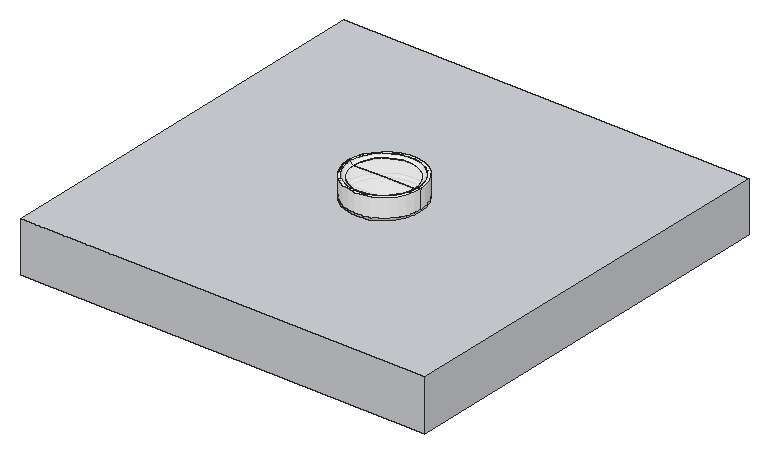
Revit family
Parameters (values of type "ONDARIA 440 3/16W TCL Electronic")
  Width = 440 mm
  Wattage = 30.2945 W
  built-in parameter 1150110 = 1 (stored number, unit not read)
  URL = "http://www.zumtobel.com/42179296"
  Type Comments = "© Zumtobel. We reserve the right to make technical changes without prior notice."  # constant formula
  built-in parameter 1114217 = 1 (stored number, unit not read)
  Tilt Angle = -90.00°
  built-in parameter 1150109 = 1 (stored number, unit not read)
  built-in parameter 1150134 = 3
  built-in parameter 1150113 = 1 (stored number, unit not read)
  Photometric Web File = "D28714.IES"
  Model = "42179296"
  Manufacturer = "Zumtobel Lighting"  # constant formula
  built-in parameter 1150105 = 849.6 (stored number, unit not read)
  Lumens = 4500 lm
  built-in parameter 1150115 = 1 (stored number, unit not read)
  built-in parameter 1150137 = (empty or 0)
  built-in parameter 1150139 = (empty or 0)
  Length = 440 mm
  built-in parameter 1150112 = 1 (stored number, unit not read)
  built-in parameter 1150114 = 1 (stored number, unit not read)
  Lamp = "TC-L"
  built-in parameter 1150132 = 2
  built-in parameter 1150102 = (empty or 0)
  built-in parameter 1150107 = 3200 (stored number, unit not read)
  built-in parameter 1150138 = (empty or 0)
  built-in parameter 1150106 = 8.496 (stored number, unit not read)
  Height = 139 mm  # constant formula
  Emit from Circle Diameter = Width - 30 mm  # 410 mm
  Emit Shape Visible in Rendering = no
  built-in parameter 1150104 = 13.8 (stored number, unit not read)
  Dimming Lamp Color Temperature Shift = (empty or 0)
  Description = "Circular luminaire Small"
  Default Elevation = 0 mm
  Color Filter = 16777215
  built-in parameter 1114218 = 1 (stored number, unit not read)
  built-in parameter 1150133 = 10 (stored number, unit not read)
  Assembly Code = "D5020210"
  Apparent Load = 52 VA
Types (13, lengths in mm): name | Width | Wattage | URL | Photometric Web File | Model | built-in parameter 1150105 | Lumens | Length | Lamp | built-in parameter 1150106 | Emit from Circle Diameter | Description | Assembly Code | Apparent Load
  ONDARIA 940 4/14W + 4/21W T16 Electronic | 940 | 83.4781 W | "http://www.zumtobel.com/42179183" | "D28734.IES" | "42179183" | 2839.6 (stored number, unit not read) | 12400 lm | 940 | "T16" | 28.396 (stored number, unit not read) | 910 | "Circular luminaire Large" | "D5020210" | 156 VA
  ONDARIA 640 4/14W T16 + 2/16W TCL Electronic | 640 | 52.5104 W | "http://www.zumtobel.com/42179298" | "D28732.IES" | "42179298" | 1639.6 (stored number, unit not read) | 7800 lm | 640 | "T16+TCL" | 16.396 (stored number, unit not read) | 610 | "Circular luminaire Medium" | "D5020210" | 100 VA
  ONDARIA 440 3/16W TCL Electronic | 440 | 30.2945 W | "http://www.zumtobel.com/42179296" | "D28714.IES" | "42179296" | 849.6 (stored number, unit not read) | 4500 lm | 440 | "TC-L" | 8.496 (stored number, unit not read) | 410 | "Circular luminaire Small" | "D5020210" | 52 VA
  ONDARIA 940 4/24W + 4/39W T16 Electronic | 940 | 130.603 W | "http://www.zumtobel.com/42179186" | "D28736.IES" | "42179186" | 4176.8 (stored number, unit not read) | 19400 lm | 940 | "T16" | 41.768 (stored number, unit not read) | 910 | "Circular luminaire Large" | "D5020210" | 267 VA
  ONDARIA 940 80W LED Dimmable on Demand | 940 | 24.5722 W | "http://www.zumtobel.com/42179768" | "D29587AA_4000K.IES" | "42179768" | 1202.3 (stored number, unit not read) | 3650 lm | 940 | "LED" | 12.023 (stored number, unit not read) | 910 | "Circular luminaire Large" | "D5020200" | 80 VA
  ONDARIA 940 4/14W + 4/21W T16 Dimmable | 940 | 83.4781 W | "http://www.zumtobel.com/42179184" | "D28734.IES" | "42179184" | 2839.6 (stored number, unit not read) | 12400 lm | 940 | "T16" | 28.396 (stored number, unit not read) | 910 | "Circular luminaire Large" | "D5020210" | 159 VA
  ONDARIA 940 4/24W + 4/39W T16 Dimmable | 940 | 130.603 W | "http://www.zumtobel.com/42179187" | "D28736.IES" | "42179187" | 4176.8 (stored number, unit not read) | 19400 lm | 940 | "T16" | 41.768 (stored number, unit not read) | 910 | "Circular luminaire Large" | "D5020210" | 272 VA
  ONDARIA 640 4/24W T16 + 2/24W TCL Electronic | 640 | 71.3603 W | "http://www.zumtobel.com/42179177" | "D28718.IES" | "42179177" | 1920.4 (stored number, unit not read) | 10600 lm | 640 | "T16+TCL" | 19.204 (stored number, unit not read) | 610 | "Circular luminaire Medium" | "D5020210" | 148 VA
  ONDARIA 640 60W LED Dimmable on Demand | 640 | 16.4937 W | "http://www.zumtobel.com/42179767" | "D29584AA_4000K.IES" | "42179767" | 799.93 (stored number, unit not read) | 2450 lm | 640 | "LED" | 7.9993 (stored number, unit not read) | 610 | "Circular luminaire Medium" | "D5020200" | 64 VA
  ONDARIA 640 4/24W T16 + 2/24W TCL Dimmable | 640 | 71.3603 W | "http://www.zumtobel.com/42179178" | "D28718.IES" | "42179178" | 1920.4 (stored number, unit not read) | 10600 lm | 640 | "T16+TCL" | 19.204 (stored number, unit not read) | 610 | "Circular luminaire Medium" | "D5020210" | 156 VA
  ONDARIA 440 3/24W TCL Electronic | 440 | 36.3534 W | "http://www.zumtobel.com/42179174" | "D28710.IES" | "42179174" | 1019.5 (stored number, unit not read) | 5400 lm | 440 | "TC-L" | 10.195 (stored number, unit not read) | 410 | "Circular luminaire Small" | "D5020210" | 74.5 VA
  ONDARIA 440 60W LED Dimmable on Demand | 440 | 17.1669 W | "http://www.zumtobel.com/42179771" | "D29581AA_4000K.IES" | "42179771" | 431.2 (stored number, unit not read) | 2550 lm | 440 | "LED" | 4.3121 (stored number, unit not read) | 410 | "Circular luminaire Small" | "D5020200" | 60 VA
  ONDARIA 440 3/24W TCL Dimmable | 440 | 36.3534 W | "http://www.zumtobel.com/42179175" | "D28710.IES" | "42179175" | 1861.4 (stored number, unit not read) | 5400 lm | 440 | "TC-L" | 18.614 (stored number, unit not read) | 410 | "Circular luminaire Small" | "D5020210" | 77.9 VA
Reference planes
  plane 1 "Center (Front/Back)": y = 0
  plane 2 "Top": z = 0
  plane 3 "Center (Left/Right)": x = -0.5
  plane 4: y = 220
  plane 5: y = -220
  plane 6: x = 219.5
  plane 7: x = -220.5
  plane 8: z = 130
  plane 9: z = -9
  plane 10: z = 0
  plane 11: x = -205.5
  plane 12: z = 115.471
Forms (mm)
  Extrusion 1, solid
    sketch origin (0, 0, 0) x (1, 0, 0) y (0, 1, 0)
      loop
        line (-1219.2, 1219.2) -> (-1219.2, -1219.2) -> (1219.2, -1219.2) -> (1219.2, 1219.2) -> (-1219.2, 1219.2)
    from 0 to -304.8
  Revolve 2, solid, material "Zumtobel_Metal_White"
    sketch origin (0, 0, 0) x (1, 0, 0) y (0, 0, 1)
      loop
        line (-220.5, 130) -> (-220.5, 17.5)
        arc (-220.5, 17.5) -> (-215.374, 5.126) -> (-203, 0) r 17.5
        line (-203, 0) -> (-172.006, 0) -> (-168.37, -9) -> (-162.37, -9) -> (-162.37, -2.357) -> (-0.5, -2.357) -> (-0.5, 2.5) -> (-203, 2.5)
        arc (-203, 2.5) -> (-213.607, 6.893) -> (-218, 17.5) r 15
        line (-218, 17.5) -> (-218, 127.5) -> (-205.5, 127.5) -> (-205.5, 130) -> (-220.5, 130)
      axis (0, 130) -> (0, -9)
    angle from 0 to 360
  Revolve 3, solid, material "Zumtobel_PMMA_White_Self_Illumination"
    sketch origin (0, 0, 0) x (1, 0, 0) y (0, 0, 1)
      loop
        arc (-205.5, 125.476) -> (-195.28, 116.697) -> (-182.333, 112.971) r 31.608
        line (-182.333, 112.971) -> (-0.5, 112.971) -> (-0.5, 115.471) -> (-182.25, 115.471)
        arc (-182.25, 115.471) -> (-195.692, 119.827) -> (-205.5, 130) r 29.108
        line (-205.5, 130) -> (-205.5, 125.476)
      axis (-0.5, 130) -> (-0.5, 112.971)
    angle from 0 to 360
Dimensions and locks
  equal spacing: plane 4, plane 1 "Center (Front/Back)", plane 5
  "Length": plane 4 to plane 5
  "Width": plane 7 to plane 6
  equal spacing: plane 7, plane 3 "Center (Left/Right)", plane 6
  "Height": plane 8 to plane 9
  locked: plane 10 to plane 9 at 9
  locked: plane 8 to plane 12 at 14.529
  locked: plane 11 to plane 7 at 15
  aligned and locked: plane 2 "Top" to Extrusion 1
  aligned and locked: level to Extrusion 1
  aligned and locked: Revolve 2 sketch curve to imposter light
  aligned and locked: Revolve 2 sketch curve to plane 8
  aligned and locked: plane 7 to Revolve 2 sketch curve
  aligned and locked: Revolve 2 sketch curve to plane 10
  aligned and locked: Revolve 2 sketch curve to plane 3 "Center (Left/Right)"
  aligned and locked: plane 11 to Revolve 2 sketch curve
  aligned and locked: plane 8 to imposter light
  aligned and locked: plane 11 to Revolve 3 sketch curve
  aligned and locked: Revolve 3 sketch curve to plane 12
  aligned and locked: Revolve 3 sketch curve to plane 3 "Center (Left/Right)"  (x2)
  aligned and locked: plane 2 "Top" to plane 10
Automatic sketch dimensions
  Extrusion 1 sketch curve to Extrusion 1 sketch curve = 2438.4 mm  (x2)
  Revolve 2 sketch curve to plane 9 = 0 mm
  plane 11 to Revolve 2 sketch curve = 2.5 mm
  Revolve 2 sketch curve to Revolve 2 sketch curve = 30.994 mm
  Revolve 2 sketch curve to Revolve 2 sketch curve = 3.636 mm
  Revolve 2 sketch curve to plane 10 = 2.357 mm
  Revolve 2 sketch curve to Revolve 2 sketch curve = 6 mm
  Revolve 2 sketch curve to plane 9 = 65.8 mm
  Revolve 2 sketch curve to Revolve 2 sketch curve = 55 mm
  Revolve 2 sketch curve to Revolve 2 sketch curve = 0 mm  (x2)
  plane 7 to Revolve 2 sketch curve = 2.5 mm
  Revolve 2 sketch curve to plane 8 = 2.5 mm
  Revolve 3 sketch curve to Revolve 3 sketch curve = 0 mm  (x2)
  Revolve 3 sketch curve to plane 8 = 0 mm
  Revolve 3 sketch curve to plane 12 = 2.5 mm
  plane 11 to Revolve 3 sketch curve = 23.167 mm
  Revolve 3 sketch curve to Revolve 3 sketch curve = 0.083 mm
  plane 8 to Revolve 3 sketch curve = 14.512 mm
  Revolve 3 sketch curve to Revolve 3 sketch curve = 20 mm
  level to Revolve 3 sketch curve = 21.971 mm
Connectors
  electrical at (-0.5, 0, 0), driven by "Apparent Load"
    settings: index 1
